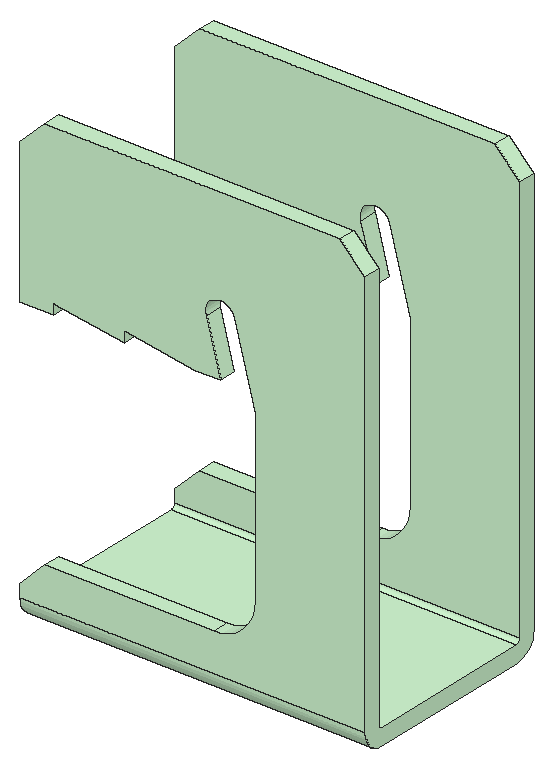
Revit family "新吊元ロック", category 機械設備, Revit 2020
Family settings
  丸型コネクタ寸法 = 直径を使用
  種別 = なし
  パーツ タイプ = 標準
  作業面ベース = いいえ
  常に垂直 = はい
  ロード時にボイドで切り取り = いいえ
  共有 = いいえ
  部屋計算ポイント = いいえ
Parameters
  製造元 = "株式会社桐井製作所"
  既定の高さ = 0 mm
  URL = "https://www.kirii.co.jp/"
  K_許容荷重(N) = 1274
  K_品名 = "新吊元ロック"
  K_名称 = "吊元金具"
  K_入数 = "250"
  K_バージョン情報 = "20211012"
Reference planes
  plane 1 "中心(正面/背面)": y = 0
  plane 2: z = 0
  plane 3 "中心(左/右)": x = 0
Forms (mm)
  Extrusion 1, solid
    sketch origin (1, -1.5, 2.3) x (0, 0, 1) y (0, -1, 0)
      loop
        arc (-2.3, -11.5) -> (-1.568, -13.268) -> (0.2, -14) r 2.5
        line (0.2, -14) -> (51.7, -14) -> (51.7, -12) -> (0.2, -12)
        arc (0.2, -12) -> (-0.154, -11.854) -> (-0.3, -11.5) r 0.5
        line (-0.3, -11.5) -> (-0.3, 8.5)
        arc (-0.3, 8.5) -> (-0.154, 8.854) -> (0.2, 9) r 0.5
        line (0.2, 9) -> (51.7, 9) -> (51.7, 11) -> (0.2, 11)
        arc (0.2, 11) -> (-1.568, 10.268) -> (-2.3, 8.5) r 2.5
        line (-2.3, 8.5) -> (-2.3, -11.5)
    from -26 to 15
  Extrusion 2, void
    sketch origin (1, -1.5, 2.3) x (1, 0, 0) y (0, 0, 1)
      loop
        line (-22, 32.9) -> (-22, 31.7) -> (-26, 31.7) -> (-26, 1.7) -> (-23, 4.7) -> (-3, 4.7)
        arc (-3, 4.7) -> (0.536, 6.164) -> (2, 9.7) r 5
        line (2, 9.7) -> (2, 29.623) -> (-0.487, 38.903)
        arc (-0.487, 38.903) -> (-2.63, 40.14) -> (-3.867, 37.997) r 1.75
        line (-3.867, 37.997) -> (-2.18, 31.7) -> (-5.17, 31.7) -> (-13.585, 32.9) -> (-13.585, 31.7) -> (-22, 32.9)
    from 9 to 11
  Extrusion 3, solid
    sketch origin (0, 0, 0) x (1, 0, 0) y (0, 1, 0)
      loop
        circle (0, 0.038) r 5.5
    from 0 to 4
  Extrusion 4, void
    sketch origin (0, 0, 0) x (1, 0, 0) y (0, 1, 0)
      loop
        circle (0, 0) r 4
    from 0 to 4
  Extrusion 5, void
    sketch origin (0, 0, 0) x (1, 0, 0) y (0, 0, 1)
      loop
        line (-22, 54) -> (-25, 54) -> (-25, 51) -> (-22, 54)
      loop
        line (16, 51) -> (16, 54) -> (13, 54) -> (16, 51)
    from 10.5 to 12.5
  Extrusion 6, void
    sketch origin (1, 21.5, 2.3) x (1, 0, 0) y (0, 0, 1)
      loop
        line (-22, 32.9) -> (-22, 31.7) -> (-26, 31.7) -> (-26, 1.7) -> (-23, 4.7) -> (-3, 4.7)
        arc (-3, 4.7) -> (0.536, 6.164) -> (2, 9.7) r 5
        line (2, 9.7) -> (2, 29.623) -> (-0.487, 38.903)
        arc (-0.487, 38.903) -> (-2.63, 40.14) -> (-3.867, 37.997) r 1.75
        line (-3.867, 37.997) -> (-2.18, 31.7) -> (-5.17, 31.7) -> (-13.585, 32.9) -> (-13.585, 31.7) -> (-22, 32.9)
    from 9 to 11
  Extrusion 7, void
    sketch origin (0, 23, 0) x (1, 0, 0) y (0, 0, 1)
      loop
        line (-22, 54) -> (-25, 54) -> (-25, 51) -> (-22, 54)
      loop
        line (16, 51) -> (16, 54) -> (13, 54) -> (16, 51)
    from 10.5 to 12.5
Cuts and joins
  Extrusion 2, Extrusion 4, Extrusion 5, Extrusion 6, Extrusion 7 cuts Extrusion 1
  Extrusion 4, Extrusion 5, Extrusion 6, Extrusion 7 cuts Extrusion 3
  joined: Extrusion 1, Extrusion 3
Dimensions and locks
  aligned and locked: level to plane 2
